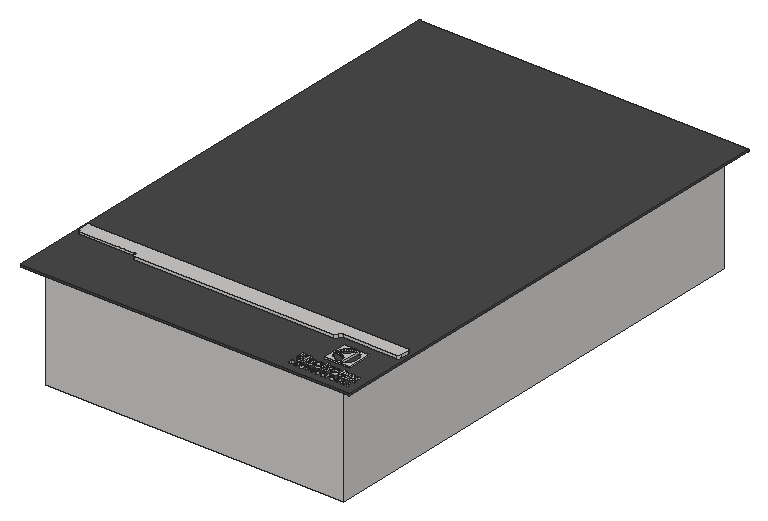
Revit family "QF_ELECTROLUXPROFESSIONAL_600900_E1HDEDOMCU", category Specialty Equipment, Revit 2018 (continued)
Definition of nested family "ELX_Logo_Professional"
  Forms (mm)
    Extrusion 2, solid
      sketch origin (-144.622, -1081.55, 0) x (-1, 0, 0) y (0, -1, 0)
        loop
          line (-165.194, -1069.514) -> (-165.194, -1074.25) -> (-163.245, -1074.25) -> (-163.245, -1071.898) -> (-163.245, -1069.098)
          arc (-163.245, -1069.098) -> (-166.96, -1065.769) -> (-170.687, -1069.085) r 3.745
          line (-170.687, -1069.085) -> (-170.687, -1071.898) -> (-170.687, -1074.25) -> (-168.739, -1074.25) -> (-168.739, -1069.514)
          arc (-168.739, -1069.514) -> (-166.967, -1067.742) -> (-165.194, -1069.514) r 1.772
        loop
          line (-174.654, -1070.416) -> (-172.975, -1068.078) -> (-171.578, -1066.131) -> (-173.656, -1066.131) -> (-175.717, -1068.999) -> (-177.779, -1066.131) -> (-179.857, -1066.131) -> (-178, -1068.728) -> (-176.781, -1070.433) -> (-178.29, -1072.488) -> (-179.583, -1074.25) -> (-177.473, -1074.25) -> (-175.717, -1071.818) -> (-173.945, -1074.25) -> (-171.852, -1074.25) -> (-173.052, -1072.608) -> (-174.654, -1070.416)
        loop
          circle (-154.223, -1070.188) r 2.508
        loop
          circle (-154.223, -1070.188) r 4.42
        loop
          line (-110.224, -1058.542) -> (-111.194, -1058.542)
          arc (-111.194, -1058.542) -> (-112.217, -1059.95) -> (-110.924, -1061.114) r 1.3
          line (-110.924, -1061.114) -> (-109.424, -1061.114) -> (-109.424, -1057.223) -> (-110.224, -1057.223) -> (-110.224, -1058.542)
        loop
          line (-110.224, -1060.379) -> (-110.224, -1059.293) -> (-111.03, -1059.293)
          arc (-111.03, -1059.293) -> (-111.43, -1059.836) -> (-111.03, -1060.379) r 0.569
          line (-111.03, -1060.379) -> (-110.224, -1060.379)
        loop
          line (-116.302, -1058.564) -> (-117.128, -1058.564) -> (-117.934, -1057.223) -> (-118.841, -1057.223) -> (-117.833, -1058.884)
          arc (-117.833, -1058.884) -> (-118.214, -1060.282) -> (-117.028, -1061.114) r 1.26
          line (-117.028, -1061.114) -> (-115.503, -1061.114) -> (-115.503, -1057.223) -> (-116.302, -1057.223) -> (-116.302, -1058.564)
        loop
          line (-116.302, -1060.379) -> (-116.302, -1059.293) -> (-117.109, -1059.293)
          arc (-117.109, -1059.293) -> (-117.508, -1059.836) -> (-117.109, -1060.379) r 0.569
          line (-117.109, -1060.379) -> (-116.302, -1060.379)
        loop
          line (-128.923, -1057.223) -> (-129.723, -1057.223) -> (-129.723, -1058.714) -> (-131.187, -1058.714) -> (-131.187, -1059.514) -> (-129.723, -1059.514) -> (-129.723, -1060.314) -> (-131.327, -1060.314) -> (-131.327, -1061.114) -> (-128.923, -1061.114) -> (-128.923, -1057.223)
        loop
          arc (-134.628, -1058.469) -> (-134.992, -1057.588) -> (-135.874, -1057.223) r 1.246
          line (-135.874, -1057.223) -> (-137.13, -1057.223) -> (-137.13, -1058.023) -> (-135.969, -1058.023)
          arc (-135.969, -1058.023) -> (-135.53, -1058.237) -> (-135.427, -1058.714) r 0.558
          line (-135.427, -1058.714) -> (-136.984, -1058.714) -> (-136.984, -1059.514) -> (-135.427, -1059.514) -> (-135.427, -1060.314) -> (-137.092, -1060.314) -> (-137.092, -1061.114) -> (-134.628, -1061.114) -> (-134.628, -1058.469)
        loop
          line (-152.3, -1057.223) -> (-153.1, -1057.223) -> (-153.1, -1061.114) -> (-152.3, -1061.114) -> (-152.3, -1057.223)
        loop
          line (-164.67, -1057.223) -> (-164.67, -1059.67) -> (-166.45, -1057.223) -> (-167.25, -1057.223) -> (-167.25, -1061.114) -> (-166.42, -1061.114) -> (-166.42, -1058.594) -> (-164.64, -1061.114) -> (-163.84, -1061.114) -> (-163.84, -1057.223) -> (-164.67, -1057.223)
        loop
          line (-170.403, -1057.223) -> (-171.262, -1057.223) -> (-171.641, -1058.063) -> (-173.08, -1058.063) -> (-173.459, -1057.223) -> (-174.317, -1057.223) -> (-172.796, -1061.113) -> (-171.996, -1061.113) -> (-170.403, -1057.223)
        loop
          line (-177.493, -1057.223) -> (-179.789, -1057.223) -> (-179.789, -1058.023) -> (-178.293, -1058.023) -> (-178.293, -1061.114) -> (-177.493, -1061.114) -> (-177.493, -1057.223)
        loop
          line (-172.362, -1059.848) -> (-171.945, -1058.83) -> (-172.76, -1058.83) -> (-172.362, -1059.848)
        loop
          circle (-158.484, -1059.145) r 1.288
        loop
          circle (-158.484, -1059.145) r 2.065
        loop
          arc (-146.04, -1058.095) -> (-146.933, -1057.275) -> (-148.145, -1057.245) r 1.725
          arc (-148.145, -1057.245) -> (-148.965, -1058.02) -> (-148.68, -1059.111) r 1.107
          arc (-148.68, -1059.111) -> (-148.103, -1059.465) -> (-147.486, -1059.746) r 5.523
          arc (-147.486, -1059.746) -> (-147.147, -1060.262) -> (-147.708, -1060.52) r 0.407
          arc (-147.708, -1060.52) -> (-148.045, -1060.315) -> (-148.325, -1060.038) r 1.702
          line (-148.325, -1060.038) -> (-149.011, -1060.45)
          arc (-149.011, -1060.45) -> (-148.578, -1060.911) -> (-148.043, -1061.247) r 2.463
          arc (-148.043, -1061.247) -> (-146.373, -1060.466) -> (-147.42, -1058.949) r 1.207
          spline (-147.42, -1058.949) -> (-147.716, -1058.809) -> (-147.932, -1058.678) -> (-148.077, -1058.557) -> (-148.163, -1058.446) -> (-148.198, -1058.347) -> (-148.192, -1058.258) -> (-148.157, -1058.182) -> (-148.102, -1058.118) -> (-148.037, -1058.068) -> (-147.972, -1058.031) -> (-147.917, -1058.008) -> (-147.883, -1058)
          arc (-147.883, -1058) -> (-147.238, -1058.014) -> (-146.759, -1058.446) r 0.925
          line (-146.759, -1058.446) -> (-146.04, -1058.095)
        loop
          arc (-140.18, -1058.095) -> (-141.073, -1057.275) -> (-142.285, -1057.245) r 1.725
          arc (-142.285, -1057.245) -> (-143.106, -1058.02) -> (-142.821, -1059.111) r 1.107
          arc (-142.821, -1059.111) -> (-142.243, -1059.465) -> (-141.627, -1059.746) r 5.523
          arc (-141.627, -1059.746) -> (-141.287, -1060.262) -> (-141.849, -1060.52) r 0.407
          arc (-141.849, -1060.52) -> (-142.185, -1060.315) -> (-142.466, -1060.038) r 1.702
          line (-142.466, -1060.038) -> (-143.151, -1060.45)
          arc (-143.151, -1060.45) -> (-142.719, -1060.911) -> (-142.183, -1061.247) r 2.463
          arc (-142.183, -1061.247) -> (-140.513, -1060.466) -> (-141.56, -1058.949) r 1.207
          spline (-141.56, -1058.949) -> (-141.856, -1058.809) -> (-142.072, -1058.678) -> (-142.218, -1058.557) -> (-142.303, -1058.446) -> (-142.338, -1058.347) -> (-142.333, -1058.258) -> (-142.298, -1058.182) -> (-142.242, -1058.118) -> (-142.177, -1058.068) -> (-142.112, -1058.031) -> (-142.057, -1058.008) -> (-142.023, -1058)
          arc (-142.023, -1058) -> (-141.378, -1058.014) -> (-140.9, -1058.446) r 0.925
          line (-140.9, -1058.446) -> (-140.18, -1058.095)
        loop
          circle (-123.484, -1059.145) r 1.288
        loop
          circle (-123.484, -1059.145) r 2.065
      from 0 to 1.6
  Dimensions and locks
    aligned and locked: plane 2 to Extrusion 1
    aligned and locked: level to Extrusion 1
Types (2, lengths in mm): name | URL | Manufacturer | Phase | Model | Description
  (no name) | 0 | 0 | 0 | 0 | 0
  Standard | "http://professional.electrolux.com" | "Electrolux Professional" | 1 | "E1HDEDOMCS" | "PLUG-IN INDUCTION MONO ZONE COOK TOP, DROP-IN"
